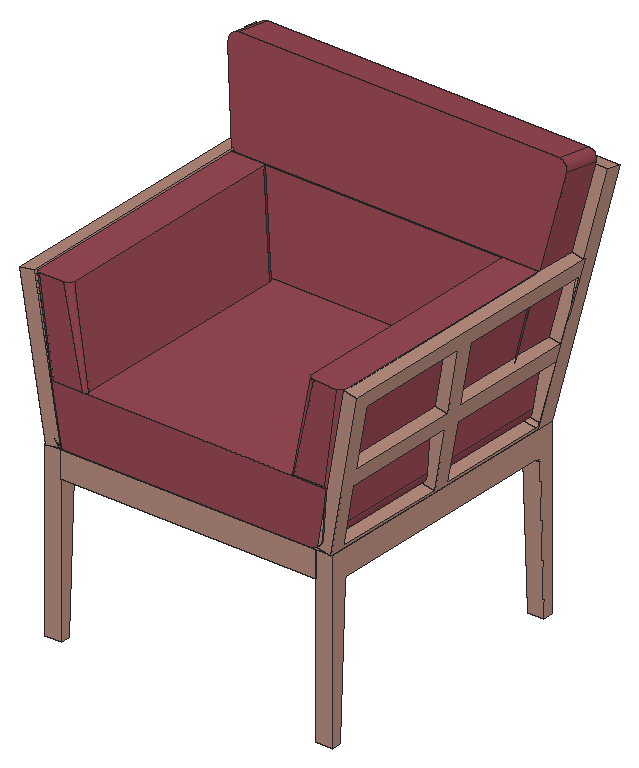
Revit family "Haworth_Janus_Slant_SideChairwithArms", category Furniture, Revit 2018
Family settings
  OmniClass Number = 23.40.20.00
  OmniClass Title = General Furniture and Specialties
  Work Plane-Based = No
  Always vertical = Yes
  Cut with Voids When Loaded = No
  Shared = No
  Room Calculation Point = No
Parameters (values of type "HCJC-SL-SA")
  With Seat Cushion = yes
  Width = "28.5 in."  # constant formula
  Warranty = "https://www.haworth.com/resources/product-info/warranties"
  URL - Product = "https://www.haworth.com/products/seating/outdoor/slant"
  URL = "http://www.haworth.com/our-brands/haworth-collection"
  Trim Finish [instance] = Haworth _ Paint _ Slant _ Mousse
  Size = "Verify Final Dim. w/ Haworth"  # constant formula
  Seat Bottom Finish [instance] = Haworth _ Fabric _ Tellure _ Tomato 3A-43
  Revision = "2"  # constant formula
  Model = "HCJC-SL-SA"
  Manufacturer = "Haworth"  # constant formula
  Frame = yes
  Depth = "24.5 in."  # constant formula
  Height = "31.5 in."  # constant formula
  Description = "Haworth - Janus - Slant - Side Chair with Arms"
  Cushion = yes
  Back Finish [instance] = Haworth _ Fabric _ Tellure _ Tomato 3A-43
  Author = "Haworth (Abd Rahman)"  # constant formula
  Assembly Code = "E2020200"
Reference planes (in)
  plane 1 "Center Front/Back": y = 0
  plane 2: z = 0
  plane 3 "Center Left/Right": x = 0
Nested families (in)
  nested 1: "Haworth_Janus_Slant_ Seat-Cushion_PART" at (-19.98621, 5.57332, -0.125), visible <- "With Seat Cushion", Cushion Finish <- "Back Finish", type "HCJC-SL-CSSA-S - Cushion"
    with Cushion Finish Haworth _ Fabric _ Tellure _ Tomato 3A-43
  nested 2: "Haworth_Janus_Slant_Cushion_Back_PART" at (0, -2.50717, -0.625), Cushion Finish <- "Back Finish", type "HCJC-SL-CBSA-S - BackSide - Cushion"
    with Cushion Finish Haworth _ Fabric _ Tellure _ Tomato 3A-43
  nested 3: "Haworth_Janus_Slant_SideChair_Frame_PART" at (-0.2032, 1.61978, 0), Frame Finish <- "Trim Finish", type "HCJC-SL-SA - FRAME"
    with Frame Finish Haworth _ Paint _ Slant _ Mousse
Definition of nested family "Haworth_Janus_Slant_ Seat-Cushion_PART"
  Parameters (values of type "HCJC-SL-CSSA-S - Cushion")
    Warranty = "https://www.haworth.com/resources/product-info/warranties"
    URL - Product = "https://www.haworth.com/products/tables/outdoor/slant"
    Model = "HCJC-SL-CSSA-S"  # constant formula
    Description = "Haworth_Slant_Seat-Seating_Cushion"
    URL = "http://www.haworth.com/our-brands/haworth-collection"
    Size = "Verify Final Dim. w/ Haworth"  # constant formula
    Revision Number = "1"  # constant formula
    Manufacturer = "Haworth"  # constant formula
    Cushion Width = 1' - 9 73/256"  # constant formula
    Cushion Finish [instance] = none
    Author = "Haworth (Abd Rahman)"  # constant formula
    Assembly Code = "E2020200"
    Actual Depth = 1' - 9 73/256"  # constant formula
  Reference planes (in)
    plane 1 "Center F/B": y = -4.48242
    plane 2: z = 0
    plane 3 "Center L/R": x = 19.75
    plane 4 "Left": x = 9.10742
    plane 5 "Right": x = 30.39258
    plane 6 "Chair Front": y = -15.125
    plane 7 "Top": z = 27.5
    plane 8 "Seat Top": z = 18.25
    plane 9: y = 6.16016
  Forms (in)
    Extrusion 1, solid, material <- "Cushion Finish"
      sketch origin (30.39258, -13.125, 16.78125) x (0, 0, -1) y (-1, 0, 0)
        loop
          line (-1.45984, 21.48819) -> (-1.45984, -0.20303) -> (2.05745, 0.04292)
          arc (2.05745, 0.04292) -> (2.76455, 0.33581) -> (3.05745, 1.04292) r 1
          line (3.05745, 1.04292) -> (3.05745, 20.18506)
          arc (3.05745, 20.18506) -> (2.76455, 20.89217) -> (2.05745, 21.18506) r 1
          line (2.05745, 21.18506) -> (-1.45984, 21.48819)
      from -2 to 19.28516
  Lines and regions (in)
    Masking region 1
      outline origin (0, 0, 0) x (1, 0, 0) y (0, 1, 0)
        loop
          line (9.20751, 6.16016) -> (9.20751, -15.125) -> (30.34966, -15.125) -> (30.34966, 6.16016) -> (9.20751, 6.16016)
  Dimensions and locks (in)
    locked: plane 7 "Top" to level at 27.5
    plane 8 "Seat Top" to level = 1' - 6 1/4"
    "Cushion Width": plane 4 "Left" to plane 5 "Right"
    equal spacing: plane 4 "Left", plane 3 "Center L/R", plane 5 "Right"
    "Actual Depth": plane 9 to plane 6 "Chair Front"
    equal spacing: plane 9, plane 1 "Center F/B", plane 6 "Chair Front"
    plane 8 "Seat Top" to plane 2 = 1' - 6 1/4"
    plane 4 "Left" to plane 5 "Right" = 1' - 9 73/256"
    aligned and locked: plane 9 to Extrusion 1
    aligned and locked: Extrusion 1 to plane 6 "Chair Front"
    aligned and locked: Masking region 1 sketch curve to Extrusion 1  (x2)
  Automatic sketch dimensions
    Masking region 1 sketch curve to plane 4 "Left" = 0' - 0.10009"
    Masking region 1 sketch curve to plane 5 "Right" = 0' - 0.04292"
    Extrusion 1 sketch curve to plane 8 "Seat Top" = 0' - 0.00891"
    Extrusion 1 sketch curve to plane 5 "Right" = 0' - 1.04292"
    Extrusion 1 sketch curve to plane 8 "Seat Top" = 0' - 3.5262"  (x2)
    Extrusion 1 sketch curve to Extrusion 1 sketch curve = 0' - 1"
    plane 5 "Right" to Extrusion 1 sketch curve = 0' - 0.20303"
    plane 4 "Left" to Extrusion 1 sketch curve = 0' - 0.20303"
    Extrusion 1 sketch curve to plane 4 "Left" = 0' - 0.10009"
Definition of nested family "Haworth_Janus_Slant_Cushion_Back_PART"
  Parameters (values of type "HCJC-SL-CBSA-S - BackSide - Cushion")
    Warranty = "https://www.haworth.com/resources/product-info/warranties"
    URL - Product = "https://www.haworth.com/products/seating/outdoor/slant"
    URL = "http://www.haworth.com/our-brands/haworth-collection"
    Size = "Verify Final Dim. w/ Haworth"  # constant formula
    Revision = "1"  # constant formula
    Model = "HCJC-SL-CBSA-S"  # constant formula
    Manufacturer = "Haworth"  # constant formula
    Description = "Haworth_Slant_BackSide_Cushion"
    Cushion Width = 2' - 2 3/4"  # constant formula
    Cushion Finish [instance] = none
    Cushion Depth = 1' - 11 37/64"  # constant formula
    Author = "Haworth (Abd Rahman)"  # constant formula
    Assembly Code = "E2020200"
  Reference planes (in)
    plane 1 "Center Front/Back": y = 4.61133
    plane 2: z = 0
    plane 3 "Center Left/Right": x = 0
    plane 4 "Bench Back": x = -13.5625
    plane 5 "Bench Front": x = 13.1875
    plane 6 "Cushion Seam Right": y = 16.53906
    plane 7 "Cushion Seam Left": y = -7.03867
    plane 8 "Back Cushion 1": through (0, 14.11346, 18.85029) normal (0, 0.9864, -0.1644)
    plane 9 "Back Cushion 2": through (0, 12.34347, 25.97201) normal (0, 0.9864, -0.1644)
    plane 10: z = 31.68812
    plane 11: z = 18.43812
  Forms (in)
    Extrusion 1, solid, material <- "Cushion Finish"
      sketch origin (0, 10.58787, -2.30322) x (0, -0.164399, -0.986394) y (-1, 0, 0)
        loop
          line (-35.84805, 12.79837) -> (-35.84805, -12.38289)
          arc (-35.84805, -12.38289) -> (-35.61007, -12.89638) -> (-35.06445, -13.0467) r 0.67297
          line (-35.06445, -13.0467) -> (-21.2946, -10.75173)
          arc (-21.2946, -10.75173) -> (-21.10321, -10.64302) -> (-21.02744, -10.43636) r 0.31972
          line (-21.02744, -10.43636) -> (-21.02744, 10.81582)
          arc (-21.02744, 10.81582) -> (-21.12014, 11.06868) -> (-21.35432, 11.20169) r 0.39119
          line (-21.35432, 11.20169) -> (-35.04026, 13.48268)
          arc (-35.04026, 13.48268) -> (-35.60273, 13.32771) -> (-35.84805, 12.79837) r 0.69375
      from 0 to -2.91671
    Blend 2, solid, material <- "Cushion Finish"
      base sketch origin (0, 0, 0) x (1, 0, 0) y (0, 1, 0)
        loop
          arc (8.07872, 11.16747) -> (7.90194, 11.09425) -> (7.82872, 10.91747) r 0.25
          line (7.82872, 10.91747) -> (7.82872, -6.78867)
          arc (7.82872, -6.78867) -> (7.90194, -6.96545) -> (8.07872, -7.03867) r 0.25
          line (8.07872, -7.03867) -> (10.48866, -7.03867)
          arc (10.48866, -7.03867) -> (10.66543, -6.96545) -> (10.73866, -6.78867) r 0.25
          line (10.73866, -6.78867) -> (10.73866, 10.91747)
          arc (10.73866, 10.91747) -> (10.66543, 11.09425) -> (10.48866, 11.16747) r 0.25
          line (10.48866, 11.16747) -> (8.07872, 11.16747)
      top sketch origin (0, 0, 0) x (1, 0, 0) y (0, 1, 0)
        loop
          arc (9.35601, 12.20257) -> (9.17923, 12.12935) -> (9.10601, 11.95257) r 0.25
          line (9.10601, 11.95257) -> (9.10601, -6.53867)
          arc (9.10601, -6.53867) -> (9.25245, -6.89223) -> (9.60601, -7.03867) r 0.5
          line (9.60601, -7.03867) -> (11.46868, -7.03867)
          arc (11.46868, -7.03867) -> (11.82223, -6.89223) -> (11.96868, -6.53867) r 0.5
          line (11.96868, -6.53867) -> (11.96868, 11.95257)
          arc (11.96868, 11.95257) -> (11.89545, 12.12935) -> (11.71868, 12.20257) r 0.25
          line (11.71868, 12.20257) -> (9.35601, 12.20257)
      from 18.78758 to 26.00399
    Blend 3, solid, material <- "Cushion Finish"
      base sketch origin (-0.375, 0, 0) x (-1, 0, 0) y (0, -1, 0)
        loop
          line (8.07872, -11.16747) -> (10.48866, -11.16747)
          arc (10.48866, -11.16747) -> (10.66543, -11.09425) -> (10.73866, -10.91747) r 0.25
          line (10.73866, -10.91747) -> (10.73866, 6.78867)
          arc (10.73866, 6.78867) -> (10.66543, 6.96545) -> (10.48866, 7.03867) r 0.25
          line (10.48866, 7.03867) -> (8.07872, 7.03867)
          arc (8.07872, 7.03867) -> (7.90194, 6.96545) -> (7.82872, 6.78867) r 0.25
          line (7.82872, 6.78867) -> (7.82872, -10.91747)
          arc (7.82872, -10.91747) -> (7.90194, -11.09425) -> (8.07872, -11.16747) r 0.25
      top sketch origin (-0.375, 0, 0) x (-1, 0, 0) y (0, -1, 0)
        loop
          line (9.35601, -12.20257) -> (11.71868, -12.20257)
          arc (11.71868, -12.20257) -> (11.89545, -12.12935) -> (11.96868, -11.95257) r 0.25
          line (11.96868, -11.95257) -> (11.96868, 6.53867)
          arc (11.96868, 6.53867) -> (11.82223, 6.89223) -> (11.46868, 7.03867) r 0.5
          line (11.46868, 7.03867) -> (9.60601, 7.03867)
          arc (9.60601, 7.03867) -> (9.25245, 6.89223) -> (9.10601, 6.53867) r 0.5
          line (9.10601, 6.53867) -> (9.10601, -11.95257)
          arc (9.10601, -11.95257) -> (9.17923, -12.12935) -> (9.35601, -12.20257) r 0.25
      from 18.78758 to 26.00399
    Sweep 4, void
      path origin (0, 10.58639, -2.31209) x (0, -0.164399, -0.986394) y (-1, 0, 0)
        loop
          line (-27.99974, 12.30926) -> (-27.99974, -11.86925)
      profile origin (-0.22, 15.18952, 25.30668) x (0, -0.164399, -0.986394) y (0, 0.986394, -0.164399)
        loop
          arc (-0.07611, -0.09686) -> (-0.05703, -0.03268) -> (-0.01191, 0.0168) r 0.14996
          line (-0.01191, 0.0168) -> (-0.14032, 0.0168)
          arc (-0.14032, 0.0168) -> (-0.0952, -0.03268) -> (-0.07611, -0.09686) r 0.14996
    Sweep 5, void
      path origin (0, 7.71296, -1.82635) x (0, -0.164399, -0.986394) y (1, 0, 0)
        loop
          line (-27.99974, -12.30926) -> (-27.99974, 11.86925)
      profile origin (-0.22, 12.3161, 25.79242) x (0, 0.164399, 0.986394) y (0, -0.986394, 0.164399)
        loop
          arc (0.07611, -0.09686) -> (0.0952, -0.03268) -> (0.14032, 0.0168) r 0.14996
          line (0.14032, 0.0168) -> (0.01191, 0.0168)
          arc (0.01191, 0.0168) -> (0.05703, -0.03268) -> (0.07611, -0.09686) r 0.14996
  Cuts and joins
    Sweep 4, Sweep 5 cuts Extrusion 1
  Lines and regions (in)
    Masking region 1
      outline origin (0, 0, 0) x (1, 0, 0) y (0, 1, 0)
        loop
          line (-13.5625, 16.53906) -> (-13.5625, 13.60423) -> (13.1875, 13.60423) -> (13.1875, 16.53906) -> (-13.5625, 16.53906)
    Masking region 2
      outline origin (0, 0, 0) x (1, 0, 0) y (0, 1, 0)
        loop
          arc (11.46868, -7.03867) -> (11.82223, -6.89223) -> (11.96868, -6.53867) r 0.5
          line (11.96868, -6.53867) -> (11.96868, 11.95257)
          arc (11.96868, 11.95257) -> (11.89545, 12.12935) -> (11.71868, 12.20257) r 0.25
          line (11.71868, 12.20257) -> (9.35601, 12.20257)
          arc (9.35601, 12.20257) -> (9.17923, 12.12935) -> (9.10601, 11.95257) r 0.25
          line (9.10601, 11.95257) -> (9.10601, -6.53867)
          arc (9.10601, -6.53867) -> (9.25245, -6.89223) -> (9.60601, -7.03867) r 0.5
          line (9.60601, -7.03867) -> (11.46868, -7.03867)
        loop
          line (-11.84368, -7.03867) -> (-9.98101, -7.03867)
          arc (-9.98101, -7.03867) -> (-9.62745, -6.89223) -> (-9.48101, -6.53867) r 0.5
          line (-9.48101, -6.53867) -> (-9.48101, 11.95257)
          arc (-9.48101, 11.95257) -> (-9.55423, 12.12935) -> (-9.73101, 12.20257) r 0.25
          line (-9.73101, 12.20257) -> (-12.09368, 12.20257)
          arc (-12.09368, 12.20257) -> (-12.27045, 12.12935) -> (-12.34368, 11.95257) r 0.25
          line (-12.34368, 11.95257) -> (-12.34368, -6.53867)
          arc (-12.34368, -6.53867) -> (-12.19723, -6.89223) -> (-11.84368, -7.03867) r 0.5
    Masking region 3
      outline origin (0, 0, 0) x (1, 0, 0) y (0, 1, 0)
        loop
          arc (-9.55423, 12.12935) -> (-9.50004, 12.04824) -> (-9.48101, 11.95257) r 0.25
          line (-9.48101, 11.95257) -> (-9.48101, -6.53867)
          arc (-9.48101, -6.53867) -> (-9.62745, -6.89223) -> (-9.98101, -7.03867) r 0.5
          line (-9.98101, -7.03867) -> (-8.45372, -7.03867)
          arc (-8.45372, -7.03867) -> (-8.27694, -6.96545) -> (-8.20372, -6.78867) r 0.25
          line (-8.20372, -6.78867) -> (-8.20372, 10.91747)
          arc (-8.20372, 10.91747) -> (-8.22809, 11.02515) -> (-8.29648, 11.11183) r 0.25
          line (-8.29648, 11.11183) -> (-9.55423, 12.12935)
        loop
          line (9.17923, 12.12935) -> (7.92148, 11.11183)
          arc (7.92148, 11.11183) -> (7.85309, 11.02515) -> (7.82872, 10.91747) r 0.25
          line (7.82872, 10.91747) -> (7.82872, -6.78867)
          arc (7.82872, -6.78867) -> (7.90194, -6.96545) -> (8.07872, -7.03867) r 0.25
          line (8.07872, -7.03867) -> (9.60601, -7.03867)
          arc (9.60601, -7.03867) -> (9.25245, -6.89223) -> (9.10601, -6.53867) r 0.5
          line (9.10601, -6.53867) -> (9.10601, 11.95257)
          arc (9.10601, 11.95257) -> (9.12504, 12.04824) -> (9.17923, 12.12935) r 0.25
    Masking region 4
      outline origin (0, 0, 0) x (1, 0, 0) y (0, 1, 0)
        loop
          line (11.75631, 12.20257) -> (13.17731, 13.60423) -> (-13.5625, 13.60423) -> (-13.4665, 13.45547) -> (-12.19632, 12.20257) -> (-9.73101, 12.20257)
          arc (-9.73101, 12.20257) -> (-9.63533, 12.18354) -> (-9.55423, 12.12935) r 0.25
          line (-9.55423, 12.12935) -> (-8.36559, 11.16774) -> (7.99059, 11.16774) -> (9.17923, 12.12935)
          arc (9.17923, 12.12935) -> (9.26033, 12.18354) -> (9.35601, 12.20257) r 0.25
          line (9.35601, 12.20257) -> (11.75631, 12.20257)
  Dimensions and locks (in)
    plane 5 "Bench Front" to plane 4 "Bench Back" = 2' - 2 3/4"
    "Cushion Width": plane 4 "Bench Back" to plane 5 "Bench Front"
    plane 7 "Cushion Seam Left" to plane 6 "Cushion Seam Right" = 1' - 11.57773"
    plane 10 to plane 11 = 1' - 1 1/4"
    plane 1 "Center Front/Back" to plane 7 "Cushion Seam Left" = 0' - 11.65"
    aligned and locked: Blend 2 sketch curve to plane 7 "Cushion Seam Left"  (x2)
    aligned and locked: Extrusion 1 to plane 9 "Back Cushion 2"
    aligned and locked: plane 6 "Cushion Seam Right" to Masking region 1 sketch curve
    aligned and locked: Masking region 1 sketch curve to plane 5 "Bench Front"
    aligned and locked: plane 4 "Bench Back" to Masking region 1 sketch curve
  Automatic sketch dimensions
    plane 4 "Bench Back" to Extrusion 1 sketch curve = 0' - 0.76413"
    Extrusion 1 sketch curve to Extrusion 1 sketch curve = 0' - 0.67297"
    Extrusion 1 sketch curve to Extrusion 1 sketch curve = 0' - 0.69375"
    Extrusion 1 sketch curve to plane 5 "Bench Front" = 0' - 0.1408"
    Extrusion 1 sketch curve to Extrusion 1 sketch curve = 0' - 0.11064"
    plane 4 "Bench Back" to Extrusion 1 sketch curve = 0' - 0.07982"
    plane 4 "Bench Back" to Extrusion 1 sketch curve = 0' - 2.74668"
    Extrusion 1 sketch curve to Extrusion 1 sketch curve = 1' - 1.73568"
    plane 4 "Bench Back" to Extrusion 1 sketch curve = 0' - 2.36081"
    Extrusion 1 sketch curve to Extrusion 1 sketch curve = 0' - 0.06431"
    Extrusion 1 sketch curve to Extrusion 1 sketch curve = 0' - 0.31972"
    Extrusion 1 sketch curve to plane 5 "Bench Front" = 0' - 2.43577"
    Extrusion 1 sketch curve to Extrusion 1 sketch curve = 0' - 0.05256"
    Blend 2 sketch curve to plane 7 "Cushion Seam Left" = 0' - 0 1/4"
    Blend 2 sketch curve to plane 5 "Bench Front" = 0' - 5.35878"
    Blend 2 sketch curve to Blend 2 sketch curve = 0' - 0 1/4"  (x3)
    Blend 2 sketch curve to Blend 2 sketch curve = 0' - 2.40994"  (x2)
    plane 6 "Cushion Seam Right" to Blend 2 sketch curve = 0' - 5.62159"
    Blend 2 sketch curve to plane 7 "Cushion Seam Left" = 0' - 0 1/2"
    Blend 2 sketch curve to plane 5 "Bench Front" = 0' - 4.08149"
    Blend 2 sketch curve to plane 5 "Bench Front" = 0' - 1.71882"
    Blend 2 sketch curve to plane 5 "Bench Front" = 0' - 1.46882"
    Blend 2 sketch curve to Blend 2 sketch curve = 0' - 0 1/2"
    plane 6 "Cushion Seam Right" to Blend 2 sketch curve = 0' - 4.58649"
    plane 7 "Cushion Seam Left" to Blend 3 sketch curve = 0' - 0"  (x2)
    plane 7 "Cushion Seam Left" to Blend 3 sketch curve = 0' - 0 1/4"
    Blend 3 sketch curve to plane 4 "Bench Back" = 0' - 5.35878"
    Blend 3 sketch curve to Blend 3 sketch curve = 0' - 0 1/4"  (x3)
    Blend 3 sketch curve to Blend 3 sketch curve = 0' - 2.40994"  (x2)
    Blend 3 sketch curve to plane 6 "Cushion Seam Right" = 0' - 5.62159"
    plane 7 "Cushion Seam Left" to Blend 3 sketch curve = 0' - 0 1/2"
    Blend 3 sketch curve to plane 4 "Bench Back" = 0' - 4.08149"
    Blend 3 sketch curve to plane 4 "Bench Back" = 0' - 1.71882"
    Blend 3 sketch curve to plane 4 "Bench Back" = 0' - 1.46882"
    Blend 3 sketch curve to Blend 3 sketch curve = 0' - 0 1/2"
    Blend 3 sketch curve to plane 6 "Cushion Seam Right" = 0' - 4.58649"
    Sweep 4 sketch curve to plane 5 "Bench Front" = 0' - 1.31825"
    plane 4 "Bench Back" to Sweep 4 sketch curve = 0' - 1.25324"
    Sweep 4 sketch curve to plane 8 "Back Cushion 1" = 0' - 0.10644"  (x2)
    profile plane to Sweep 4 sketch curve = 0' - 0.22577"
    plane 8 "Back Cushion 1" to Sweep 4 sketch curve = 0' - 0.0168"
    profile plane to Sweep 4 sketch curve = 0' - 0.14032"
    profile plane to Sweep 4 sketch curve = 0' - 0.01191"
    Sweep 4 sketch curve to profile plane = 0' - 0.07354"
    Sweep 5 sketch curve to plane 5 "Bench Front" = 0' - 1.31825"
    plane 4 "Bench Back" to Sweep 5 sketch curve = 0' - 1.25324"
    profile plane to Sweep 5 sketch curve = 0' - 0.07354"
    Sweep 5 sketch curve to profile plane = 0' - 0.01191"
    profile plane to Sweep 5 sketch curve = 0' - 0.0168"
    Sweep 5 sketch curve to Sweep 5 sketch curve = 0' - 0.12842"
    Sweep 5 sketch curve to Sweep 5 sketch curve = 0' - 0.08545"
    Sweep 5 sketch curve to profile plane = 0' - 0.10644"  (x2)
    plane 7 "Cushion Seam Left" to Masking region 2 sketch curve = 0' - 0"  (x2)
    Masking region 2 sketch curve to plane 7 "Cushion Seam Left" = 0' - 0 1/2"  (x3)
    plane 4 "Bench Back" to Masking region 2 sketch curve = 0' - 1.21882"
    Masking region 2 sketch curve to Masking region 2 sketch curve = 0' - 0 1/4"  (x4)
    Masking region 2 sketch curve to Masking region 2 sketch curve = 0' - 1.86267"
    Masking region 2 sketch curve to plane 5 "Bench Front" = 0' - 4.08149"
    Masking region 2 sketch curve to Masking region 2 sketch curve = 0' - 0 1/2"
    Masking region 2 sketch curve to plane 5 "Bench Front" = 0' - 1.71882"
    plane 6 "Cushion Seam Right" to Masking region 2 sketch curve = 0' - 4.58649"  (x2)
    plane 7 "Cushion Seam Left" to Masking region 3 sketch curve = 0' - 0"  (x4)
    Masking region 3 sketch curve to plane 7 "Cushion Seam Left" = 0' - 0 1/2"
    plane 4 "Bench Back" to Masking region 3 sketch curve = 0' - 3.58149"
    Masking region 3 sketch curve to Masking region 3 sketch curve = 0' - 0 1/4"  (x5)
    Masking region 3 sketch curve to Masking region 3 sketch curve = 0' - 0.07322"  (x2)
    Masking region 3 sketch curve to plane 7 "Cushion Seam Left" = 0' - 0 1/4"
    Masking region 3 sketch curve to Masking region 3 sketch curve = 0' - 1.02729"  (x2)
    Masking region 3 sketch curve to Masking region 3 sketch curve = 0' - 0.09276"  (x2)
    Masking region 3 sketch curve to plane 5 "Bench Front" = 0' - 5.35878"
    Masking region 3 sketch curve to Masking region 3 sketch curve = 0' - 0 1/2"
    plane 6 "Cushion Seam Right" to Masking region 3 sketch curve = 0' - 5.62159"  (x2)
    Masking region 3 sketch curve to Masking region 3 sketch curve = 0' - 1.0351"
    Masking region 3 sketch curve to Masking region 3 sketch curve = 0' - 0.84074"
    Masking region 3 sketch curve to Masking region 3 sketch curve = 0' - 0"  (x2)
    Masking region 1 sketch curve to Masking region 1 sketch curve = 0' - 2.93483"
    Masking region 4 sketch curve to plane 4 "Bench Back" = 0' - 0"
    plane 4 "Bench Back" to Masking region 4 sketch curve = 0' - 1.36618"
    Masking region 4 sketch curve to Masking region 4 sketch curve = 0' - 2.46531"
    Masking region 4 sketch curve to Masking region 4 sketch curve = 0' - 0.17678"  (x4)
    Masking region 4 sketch curve to Masking region 4 sketch curve = 0' - 1.18864"  (x2)
    Masking region 4 sketch curve to plane 5 "Bench Front" = 0' - 5.19691"
    Masking region 4 sketch curve to plane 5 "Bench Front" = 0' - 1.43119"
    Masking region 4 sketch curve to plane 5 "Bench Front" = 0' - 0.01019"
    plane 6 "Cushion Seam Right" to Masking region 4 sketch curve = 0' - 5.37132"
    Masking region 4 sketch curve to Masking region 4 sketch curve = 0' - 0.78483"  (x2)
    Masking region 4 sketch curve to Masking region 4 sketch curve = 0' - 1.40166"
    plane 4 "Bench Back" to Masking region 4 sketch curve = 0' - 0.096"
    Masking region 4 sketch curve to Masking region 4 sketch curve = 0' - 0.14876"
Definition of nested family "Haworth_Janus_Slant_SideChair_Frame_PART"
  Parameters (values of type "HCJC-SL-SA - FRAME")
    Warranty = "https://www.haworth.com/resources/product-info/warranties"
    URL - Product = "https://www.haworth.com/products/seating/outdoor/slant"
    URL = "http://www.haworth.com/our-brands/haworth-collection"
    Size = "Verify Final Dim. w/ Haworth"  # constant formula
    Revision = "2"  # constant formula
    Model = "HCJC-SL-SA"
    Manufacturer = "Haworth"  # constant formula
    Frame Finish [instance] = none
    Description = "Haworth Slant Chair with Arms - Frame"
    Author = "Haworth (Abd Rahman)"  # constant formula
    Assembly Code = "E2020200"
    Arm Height = 2' - 1 1/4"  # constant formula
    Actual Width = 2' - 4 1/2"  # constant formula
    Actual Height = 2' - 7 1/2"  # constant formula
    Actual Depth = 2' - 0 1/2"  # constant formula
  Reference planes (in)
    plane 1 "Center Front/Back": y = 0
    plane 2: z = 0
    plane 3 "Center Left/Right": x = 0
    plane 4 "Back Seat": through (0, 13.32342, 31.17686) normal (0, -0.9864, 0.1644)
    plane 5 "Front Seat": through (0, 12.13592, 31.17686) normal (0, -0.9864, 0.1644)
    plane 6 "Top Arm": z = 25.25
    plane 7 "Bottom Arm": z = 13.50176
    plane 8 "Right Arm 1": through (13.67834, -180, 27.84367) normal (-0.9848, 0, 0.1736)
    plane 9 "Bottom Seat": z = 11.50473
    plane 10 "Front Arm": y = -11.17147
    plane 11: through (10.17411, -180, 13.96966) normal (-0.9848, 0, 0.1736)
    plane 12: z = 31.5
    plane 13: x = 14.23525
    plane 14: x = -14.26475
    plane 15: y = 13.32853
  Forms (in)
    Extrusion 1, solid, material <- "Frame Finish"
      sketch origin (-0.02614, 7.90805, -1.31412) x (0, 0.164405, 0.986393) y (-1, 0, 0)
        loop
          line (33.07145, -14.26139) -> (33.07145, 14.26139) -> (12.91561, 10.92822) -> (12.91561, -10.92822) -> (33.07145, -14.26139)
        loop
          line (31.86635, -12.60701) -> (31.86635, -0.59055) -> (26.95209, -0.59055) -> (26.95209, -11.88131)
          arc (26.95209, -11.88131) -> (27.01152, -12.04311) -> (27.16154, -12.128) r 0.25
          line (27.16154, -12.128) -> (31.5758, -12.85369)
          arc (31.5758, -12.85369) -> (31.77816, -12.79758) -> (31.86635, -12.60701) r 0.25
        loop
          line (25.85242, -11.61832) -> (25.85242, -0.59055) -> (20.93754, -0.59055) -> (20.93754, -11.06201) -> (25.57587, -11.82905)
          arc (25.57587, -11.82905) -> (25.76633, -11.79217) -> (25.85242, -11.61832) r 0.21856
        loop
          line (19.837, -0.55055) -> (14.91561, -0.55055) -> (14.91561, -9.86697)
          arc (14.91561, -9.86697) -> (14.97006, -10.03651) -> (15.11306, -10.14265) r 0.29119
          line (15.11306, -10.14265) -> (19.837, -10.92385) -> (19.837, -0.55055)
        loop
          arc (31.86635, 12.60701) -> (31.77816, 12.79758) -> (31.5758, 12.85369) r 0.25
          line (31.5758, 12.85369) -> (27.16154, 12.128)
          arc (27.16154, 12.128) -> (27.01152, 12.04311) -> (26.95209, 11.88131) r 0.25
          line (26.95209, 11.88131) -> (26.95209, 0.59055) -> (31.86635, 0.59055) -> (31.86635, 12.60701)
        loop
          arc (25.85242, 11.61832) -> (25.76633, 11.79217) -> (25.57587, 11.82905) r 0.21856
          line (25.57587, 11.82905) -> (20.93754, 11.06201) -> (20.93754, 0.59055) -> (25.85242, 0.59055) -> (25.85242, 11.61832)
        loop
          line (19.837, 0.55055) -> (19.837, 10.92385) -> (15.2068, 10.15815)
          arc (15.2068, 10.15815) -> (15.0009, 10.07287) -> (14.91561, 9.86697) r 0.29119
          line (14.91561, 9.86697) -> (14.91561, 0.55055) -> (19.837, 0.55055)
      from 0 to 1.17134
    Extrusion 2, solid, material <- "Frame Finish"
      sketch origin (0, 0, 11.50473) x (-1, 0, 0) y (0, -1, 0)
        loop
          line (9.99604, 11.17147) -> (-9.99604, 11.17147) -> (-9.99604, -9.20421) -> (9.99604, -9.20421) -> (9.99604, 11.17147)
        loop
          line (-8.90188, 10.02978) -> (-8.77376, -9.16855) -> (-1.18, -9.16855) -> (-1.18, 10.02978) -> (-8.90188, 10.02978)
        loop
          line (8.90244, 10.02978) -> (1.18, 10.02978) -> (1.18, -9.16855) -> (8.90244, -9.16855) -> (8.90244, 10.02978)
      from 0 to 1.99703
    Extrusion 3, solid, material <- "Frame Finish"
      sketch origin (-8.50434, 0, -1.49955) x (0.173648, 0, -0.984808) y (0, 1, 0)
        loop
          line (-27.16224, 12.33524) -> (-27.16224, -11.17147) -> (-15.22266, -11.17147) -> (-15.22266, 10.37223) -> (-27.16224, 12.33524)
        loop
          line (-21.21017, -9.98978) -> (-21.21017, -0.99177) -> (-26.07414, -0.99177) -> (-26.07414, -9.73978)
          arc (-26.07414, -9.73978) -> (-25.98227, -9.91815) -> (-25.79485, -9.98978) r 0.28101
          line (-25.79485, -9.98978) -> (-21.21017, -9.98978)
        loop
          line (-20.01936, -9.98978) -> (-15.62225, -9.98978)
          arc (-15.62225, -9.98978) -> (-15.44672, -9.91494) -> (-15.35591, -9.74711) r 0.28946
          line (-15.35591, -9.74711) -> (-15.35591, -0.99177) -> (-20.01936, -0.99177) -> (-20.01936, -9.98978)
        loop
          line (-15.35591, 0.24177) -> (-15.35591, 8.99711)
          arc (-15.35591, 8.99711) -> (-15.44672, 9.16494) -> (-15.62225, 9.23978) r 0.28946
          line (-15.62225, 9.23978) -> (-20.01936, 9.96934) -> (-20.01936, 0.24177) -> (-15.35591, 0.24177)
        loop
          line (-26.03238, 0.24177) -> (-21.21017, 0.24177) -> (-21.21017, 10.16513) -> (-25.75309, 10.92602)
          arc (-25.75309, 10.92602) -> (-25.94051, 10.85439) -> (-26.03238, 10.67602) r 0.28101
          line (-26.03238, 10.67602) -> (-26.03238, 0.24177)
      from 0 to 1.16946
    Extrusion 4, solid, material <- "Frame Finish"
      sketch origin (0, 0, 0) x (0, 1, 0) y (0, 0, 1)
        loop
          line (-11.13147, 13.50176) -> (-11.13147, 0) -> (-10.38407, 0) -> (-9.94355, 11.22459)
          arc (-9.94355, 11.22459) -> (-9.86944, 11.40898) -> (-9.69531, 11.50473) r 0.29549
          line (-9.69531, 11.50473) -> (8.8247, 11.50473)
          arc (8.8247, 11.50473) -> (9.03809, 11.42489) -> (9.14667, 11.22459) r 0.3251
          line (9.14667, 11.22459) -> (9.5872, 0) -> (10.36605, 0) -> (10.35942, 13.50176) -> (-11.13147, 13.50176)
      from 9.99604 to 11.28148
    Extrusion 5, solid, material <- "Frame Finish"
      sketch origin (0, 0, 0) x (0, 1, 0) y (0, 0, -1)
        loop
          line (-11.13147, -13.50176) -> (10.35942, -13.50176) -> (10.36605, 0) -> (9.5872, 0) -> (9.14667, -11.22459)
          arc (9.14667, -11.22459) -> (9.03809, -11.42489) -> (8.8247, -11.50473) r 0.3251
          line (8.8247, -11.50473) -> (-9.69531, -11.50473)
          arc (-9.69531, -11.50473) -> (-9.86944, -11.40898) -> (-9.94355, -11.22459) r 0.29549
          line (-9.94355, -11.22459) -> (-10.38407, 0) -> (-11.13147, 0) -> (-11.13147, -13.50176)
      from 9.99604 to 11.28148
    Extrusion 6, solid, material <- "Frame Finish"
      sketch origin (8.50434, 0, -1.49955) x (-0.173648, 0, -0.984808) y (0, -1, 0)
        loop
          line (-27.1636, -11.20552) -> (-15.22266, -9.24229) -> (-15.22266, 11.17147) -> (-27.1636, 11.17147) -> (-27.1636, -11.20552)
        loop
          line (-21.21017, 9.98978) -> (-25.79485, 9.98978)
          arc (-25.79485, 9.98978) -> (-25.98227, 9.91815) -> (-26.07414, 9.73978) r 0.28101
          line (-26.07414, 9.73978) -> (-26.07414, 0.99177) -> (-21.21017, 0.99177) -> (-21.21017, 9.98978)
        loop
          line (-20.01936, 9.98978) -> (-20.01936, 0.99177) -> (-15.35591, 0.99177) -> (-15.35591, 9.74711)
          arc (-15.35591, 9.74711) -> (-15.44672, 9.91494) -> (-15.62225, 9.98978) r 0.28946
          line (-15.62225, 9.98978) -> (-20.01936, 9.98978)
        loop
          line (-15.35591, -0.24177) -> (-20.01936, -0.24177) -> (-20.01936, -9.96934) -> (-15.62225, -9.23978)
          arc (-15.62225, -9.23978) -> (-15.44672, -9.16494) -> (-15.35591, -8.99711) r 0.28946
          line (-15.35591, -8.99711) -> (-15.35591, -0.24177)
        loop
          line (-26.03238, -0.24177) -> (-26.03238, -10.67602)
          arc (-26.03238, -10.67602) -> (-25.94051, -10.85439) -> (-25.75309, -10.92602) r 0.28101
          line (-25.75309, -10.92602) -> (-21.21017, -10.16513) -> (-21.21017, -0.24177) -> (-26.03238, -0.24177)
      from 0 to 1.04181
  Cuts and joins
    joined: Extrusion 2, Extrusion 4, Extrusion 5
  Lines and regions (in)
    Masking region 1
      outline origin (0, 0, 28.87474) x (-1, 0, 0) y (0, -1, 0)
        loop
          line (14.28752, -13.34516) -> (14.28752, -12.18976) -> (-14.23525, -12.18976) -> (-14.23525, -13.34516) -> (14.28752, -13.34516)
        loop
          line (-13.20563, -11.20552) -> (-12.17965, -11.20552) -> (-12.17965, 11.17147) -> (-13.20563, 11.17147) -> (-13.20563, -11.20552)
        loop
          line (13.22102, 11.17147) -> (12.15413, 11.17147) -> (12.15413, -11.21814) -> (13.22102, -11.21814) -> (13.22102, 11.17147)
  Dimensions and locks (in)
    "Actual Height": plane 12 to plane 2
    "Actual Width": plane 14 to plane 13
    "Actual Depth": plane 15 to plane 10 "Front Arm"
    "Arm Height": plane 6 "Top Arm" to plane 2
    aligned and locked: Extrusion 1 to plane 4 "Back Seat"
    aligned and locked: plane 5 "Front Seat" to Extrusion 1
    aligned and locked: plane 7 "Bottom Arm" to Extrusion 2
    aligned and locked: Extrusion 2 to plane 9 "Bottom Seat"
    aligned and locked: plane 10 "Front Arm" to Extrusion 3 sketch curve
    aligned and locked: plane 11 to Extrusion 6
    aligned and locked: plane 13 to Extrusion 1
    aligned and locked: Extrusion 2 sketch curve to plane 10 "Front Arm"
    aligned and locked: plane 7 "Bottom Arm" to cut or joined group of Extrusion 2, Extrusion 4, Extrusion 5
    aligned and locked: cut or joined group of Extrusion 2, Extrusion 4, Extrusion 5 to cut or joined group of Extrusion 2, Extrusion 4, Extrusion 5
    aligned and locked: Masking region 1 sketch curve to Extrusion 1  (x4)
    aligned and locked: Extrusion 6 to Masking region 1 sketch curve  (x2)
    aligned and locked: Masking region 1 sketch curve to Extrusion 3
    aligned and locked: Extrusion 1 to Masking region 1 sketch curve
  Automatic sketch dimensions
    Extrusion 1 sketch curve to plane 3 "Center Left/Right" = 0' - 10.95436"
    Extrusion 1 sketch curve to plane 3 "Center Left/Right" = 0' - 0.57669"
    Extrusion 1 sketch curve to Extrusion 1 sketch curve = 0' - 2"
    plane 3 "Center Left/Right" to Extrusion 1 sketch curve = 0' - 0.52441"
    Extrusion 1 sketch curve to Extrusion 1 sketch curve = 0' - 0"  (x2)
    plane 3 "Center Left/Right" to Extrusion 1 sketch curve = 0' - 10.11651"
    Extrusion 1 sketch curve to Extrusion 1 sketch curve = 0' - 0.19744"
    Extrusion 1 sketch curve to plane 3 "Center Left/Right" = 0' - 10.18429"
    Extrusion 1 sketch curve to Extrusion 1 sketch curve = 0' - 0.29119"  (x2)
    Extrusion 1 sketch curve to Extrusion 1 sketch curve = 0' - 4.92139"
    Extrusion 1 sketch curve to plane 3 "Center Left/Right" = 0' - 10.94998"
    Extrusion 1 sketch curve to Extrusion 1 sketch curve = 0' - 4.6302"
    Extrusion 1 sketch curve to Extrusion 1 sketch curve = 0' - 1.10053"  (x2)
    Extrusion 1 sketch curve to plane 3 "Center Left/Right" = 0' - 11.85519"
    Extrusion 1 sketch curve to Extrusion 1 sketch curve = 0' - 4.63833"  (x2)
    plane 3 "Center Left/Right" to Extrusion 1 sketch curve = 0' - 11.80292"
    Extrusion 1 sketch curve to Extrusion 1 sketch curve = 0' - 0.05799"  (x2)
    plane 3 "Center Left/Right" to Extrusion 1 sketch curve = 0' - 0.56441"  (x2)
    Extrusion 1 sketch curve to Extrusion 1 sketch curve = 0' - 4.91489"
    Extrusion 1 sketch curve to Extrusion 1 sketch curve = 0' - 0.21856"
    Extrusion 1 sketch curve to Extrusion 1 sketch curve = 0' - 1.09967"  (x2)
    plane 3 "Center Left/Right" to Extrusion 1 sketch curve = 1' - 0.10186"
    Extrusion 1 sketch curve to Extrusion 1 sketch curve = 0' - 0.20944"  (x2)
    Extrusion 1 sketch curve to plane 3 "Center Left/Right" = 1' - 0.15413"
    Extrusion 1 sketch curve to Extrusion 1 sketch curve = 0' - 0 1/4"  (x2)
    Extrusion 1 sketch curve to plane 3 "Center Left/Right" = 1' - 0.87983"
    Extrusion 1 sketch curve to Extrusion 1 sketch curve = 0' - 4.41426"  (x2)
    plane 3 "Center Left/Right" to Extrusion 1 sketch curve = 1' - 0.82756"
    Extrusion 1 sketch curve to Extrusion 1 sketch curve = 0' - 0.04056"  (x2)
    Extrusion 1 sketch curve to plane 3 "Center Left/Right" = 0' - 0.61669"  (x2)
    Extrusion 1 sketch curve to Extrusion 1 sketch curve = 0' - 4.91426"
    plane 3 "Center Left/Right" to Extrusion 1 sketch curve = 1' - 2.23525"
    Extrusion 1 sketch curve to Extrusion 1 sketch curve = 0' - 1.49565"
    Extrusion 1 sketch curve to Extrusion 1 sketch curve = 0' - 0.76704"
    Extrusion 1 sketch curve to Extrusion 1 sketch curve = 0' - 1.06125"
    Extrusion 1 sketch curve to Extrusion 1 sketch curve = 0' - 0.13816"  (x2)
    Extrusion 1 sketch curve to Extrusion 1 sketch curve = 0' - 1.40769"
    plane 3 "Center Left/Right" to Extrusion 2 sketch curve = 0' - 9.99604"
    plane 10 "Front Arm" to Extrusion 2 sketch curve = 0' - 1.1417"  (x2)
    Extrusion 2 sketch curve to Extrusion 2 sketch curve = 0' - 1.09416"
    Extrusion 2 sketch curve to Extrusion 2 sketch curve = 0' - 1.22228"
    plane 3 "Center Left/Right" to Extrusion 2 sketch curve = 0' - 1.18"
    Extrusion 2 sketch curve to plane 3 "Center Left/Right" = 0' - 1.18"
    Extrusion 2 sketch curve to Extrusion 2 sketch curve = 0' - 7.72244"
    Extrusion 2 sketch curve to Extrusion 2 sketch curve = 0' - 1.0936"
    Extrusion 2 sketch curve to plane 1 "Center Front/Back" = 0' - 9.16855"
    Extrusion 2 sketch curve to Extrusion 2 sketch curve = 0' - 0"
    Extrusion 2 sketch curve to Extrusion 2 sketch curve = 0' - 0.03566"
    Extrusion 3 sketch curve to Extrusion 3 sketch curve = 0' - 1.0881"
    Extrusion 3 sketch curve to plane 1 "Center Front/Back" = 0' - 0.24177"  (x2)
    Extrusion 3 sketch curve to Extrusion 3 sketch curve = 0' - 0.04176"
    Extrusion 3 sketch curve to Extrusion 3 sketch curve = 0' - 0.27929"  (x2)
    plane 10 "Front Arm" to Extrusion 3 sketch curve = 0' - 1.1817"
    Extrusion 3 sketch curve to Extrusion 3 sketch curve = 0' - 4.58468"
    Extrusion 3 sketch curve to Extrusion 3 sketch curve = 0' - 4.54292"
    Extrusion 3 sketch curve to Extrusion 3 sketch curve = 0' - 1.19081"  (x2)
    Extrusion 3 sketch curve to Extrusion 3 sketch curve = 0' - 4.37769"  (x2)
    plane 10 "Front Arm" to Extrusion 3 sketch curve = 0' - 1.47051"
    Extrusion 3 sketch curve to plane 1 "Center Front/Back" = 0' - 9.23978"
    Extrusion 3 sketch curve to Extrusion 3 sketch curve = 0' - 0.01942"  (x2)
    Extrusion 3 sketch curve to Extrusion 3 sketch curve = 0' - 4.66345"
    Extrusion 3 sketch curve to Extrusion 3 sketch curve = 0' - 0"  (x2)
    Extrusion 3 sketch curve to Extrusion 3 sketch curve = 0' - 0.3996"
    Extrusion 3 sketch curve to Extrusion 3 sketch curve = 0' - 0 1/4"
    plane 1 "Center Front/Back" to Extrusion 3 sketch curve = 0' - 0.99177"  (x2)
    Extrusion 3 sketch curve to Extrusion 3 sketch curve = 0' - 0.28881"
    Extrusion 3 sketch curve to Extrusion 3 sketch curve = 0' - 0.72956"
    Extrusion 3 sketch curve to Extrusion 3 sketch curve = 0' - 0.19579"
    Extrusion 3 sketch curve to Extrusion 3 sketch curve = 0' - 1.13245"
    Extrusion 3 sketch curve to Extrusion 3 sketch curve = 0' - 0.47988"
    Extrusion 3 sketch curve to Extrusion 3 sketch curve = 0' - 0.03101"
    Extrusion 3 sketch curve to Extrusion 3 sketch curve = 0' - 1.40923"
    Extrusion 4 sketch curve to level = 0' - 0"  (x2)
    Extrusion 4 sketch curve to plane 9 "Bottom Seat" = 0' - 0"
    plane 10 "Front Arm" to Extrusion 4 sketch curve = 0' - 0.04"
    Extrusion 4 sketch curve to Extrusion 4 sketch curve = 0' - 0.7474"
    Extrusion 4 sketch curve to plane 9 "Bottom Seat" = 0' - 0.28014"  (x2)
    plane 10 "Front Arm" to Extrusion 4 sketch curve = 0' - 1.22793"
    Extrusion 4 sketch curve to Extrusion 4 sketch curve = 0' - 0.24824"
    Extrusion 4 sketch curve to plane 9 "Bottom Seat" = 0' - 0.29173"
    Extrusion 4 sketch curve to plane 1 "Center Front/Back" = 0' - 8.8247"
    Extrusion 4 sketch curve to Extrusion 4 sketch curve = 0' - 0.32197"
    Extrusion 4 sketch curve to plane 1 "Center Front/Back" = 0' - 9.5872"
    Extrusion 4 sketch curve to plane 7 "Bottom Arm" = 0' - 0"
    Extrusion 4 sketch curve to Extrusion 4 sketch curve = 0' - 1.53472"
    Extrusion 4 sketch curve to Extrusion 4 sketch curve = 0' - 0.77885"
    Extrusion 5 sketch curve to level = 0' - 0"  (x2)
    Extrusion 5 sketch curve to plane 9 "Bottom Seat" = 0' - 0"
    plane 10 "Front Arm" to Extrusion 5 sketch curve = 0' - 0.04"
    Extrusion 5 sketch curve to Extrusion 5 sketch curve = 0' - 0.7474"
    Extrusion 5 sketch curve to plane 9 "Bottom Seat" = 0' - 0.28014"  (x2)
    plane 10 "Front Arm" to Extrusion 5 sketch curve = 0' - 1.22793"
    Extrusion 5 sketch curve to Extrusion 5 sketch curve = 0' - 0.24824"
    Extrusion 5 sketch curve to plane 9 "Bottom Seat" = 0' - 0.29173"
    Extrusion 5 sketch curve to plane 1 "Center Front/Back" = 0' - 8.8247"
    Extrusion 5 sketch curve to Extrusion 5 sketch curve = 0' - 0.32197"
    Extrusion 5 sketch curve to plane 1 "Center Front/Back" = 0' - 9.5872"
    Extrusion 5 sketch curve to plane 7 "Bottom Arm" = 0' - 0"
    Extrusion 5 sketch curve to Extrusion 5 sketch curve = 0' - 1.53472"
    Extrusion 5 sketch curve to Extrusion 5 sketch curve = 0' - 0.77885"
    Extrusion 6 sketch curve to plane 10 "Front Arm" = 0' - 0"
    Extrusion 6 sketch curve to Extrusion 6 sketch curve = 0' - 1.08946"
    Extrusion 6 sketch curve to plane 1 "Center Front/Back" = 0' - 0.24177"  (x2)
    Extrusion 6 sketch curve to Extrusion 6 sketch curve = 0' - 0.04176"
    Extrusion 6 sketch curve to Extrusion 6 sketch curve = 0' - 0.27929"  (x2)
    plane 10 "Front Arm" to Extrusion 6 sketch curve = 0' - 1.1817"
    Extrusion 6 sketch curve to Extrusion 6 sketch curve = 0' - 4.58468"
    Extrusion 6 sketch curve to Extrusion 6 sketch curve = 0' - 4.54292"
    Extrusion 6 sketch curve to Extrusion 6 sketch curve = 0' - 1.19081"  (x2)
    Extrusion 6 sketch curve to Extrusion 6 sketch curve = 0' - 4.37769"  (x2)
    plane 10 "Front Arm" to Extrusion 6 sketch curve = 0' - 1.47051"
    Extrusion 6 sketch curve to plane 15 = 0' - 4.08875"
    Extrusion 6 sketch curve to Extrusion 6 sketch curve = 0' - 0.01942"  (x2)
    Extrusion 6 sketch curve to Extrusion 6 sketch curve = 0' - 4.66345"
    Extrusion 6 sketch curve to Extrusion 6 sketch curve = 0' - 0"
    Extrusion 6 sketch curve to Extrusion 6 sketch curve = 0' - 0.3996"
    Extrusion 6 sketch curve to Extrusion 6 sketch curve = 0' - 0.00251"
    Extrusion 6 sketch curve to plane 15 = 0' - 3.35919"
    Extrusion 6 sketch curve to Extrusion 6 sketch curve = 0' - 0.19579"
    Extrusion 6 sketch curve to plane 15 = 0' - 2.68351"
    Extrusion 6 sketch curve to Extrusion 6 sketch curve = 0' - 0.03101"
    Extrusion 6 sketch curve to Extrusion 6 sketch curve = 0' - 0.52951"
    Extrusion 6 sketch curve to Extrusion 6 sketch curve = 0' - 0.24518"
    plane 1 "Center Front/Back" to Extrusion 6 sketch curve = 0' - 0.99177"  (x2)
    Extrusion 6 sketch curve to Extrusion 6 sketch curve = 0' - 0.28101"
    Extrusion 6 sketch curve to Extrusion 6 sketch curve = 0' - 0.04614"
    plane 13 to Masking region 1 sketch curve = 0' - 1.02962"
    Masking region 1 sketch curve to Masking region 1 sketch curve = 0' - 1.02598"
    plane 14 to Masking region 1 sketch curve = 0' - 2.11062"
    plane 14 to Masking region 1 sketch curve = 0' - 1.04373"
